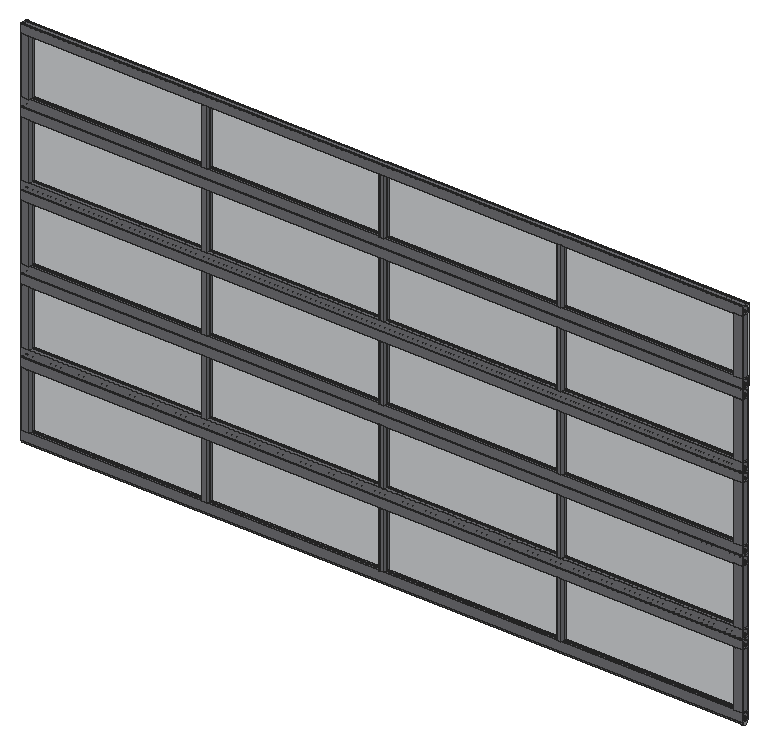
Revit family "GACD 20P GG CRV", category Doors, host Wall, Revit 2024 (continued)
Dimensions and locks
  aligned and locked: Opening 1 sketch curve to plane 4 "Right"
  aligned and locked: Opening 1 sketch curve to level
  aligned and locked: host wall to plane 1
Automatic sketch dimensions
  curve 1 to plane 10 "Garage Right" = 0 mm
  curve 3 to plane 9 "Garage Left" = 0 mm
  host wall to curve 1 = 2200 mm
  host wall to curve 3 = 30 mm
  host wall to curve 1 = 30 mm
  Extrusion 1 sketch curve to plane 10 "Garage Right" = 0 mm  (x3)
  Extrusion 1 sketch curve to plane 9 "Garage Left" = 0 mm  (x3)
  plane 10 "Garage Right" to Extrusion 1 sketch curve = 1.8 mm  (x2)
  Extrusion 1 sketch curve to Extrusion 1 sketch curve = 0 mm  (x5)
  Extrusion 1 sketch curve to Extrusion 1 sketch curve = 1.8 mm  (x44)
  Extrusion 1 sketch curve to Extrusion 1 sketch curve = 2 mm  (x6)
  Extrusion 1 sketch curve to Extrusion 1 sketch curve = 1.6 mm  (x6)
  Extrusion 1 sketch curve to Extrusion 1 sketch curve = 7.147 mm  (x2)
  Extrusion 1 sketch curve to Extrusion 1 sketch curve = 0.953 mm  (x16)
  host wall to Extrusion 1 sketch curve = 6.3 mm  (x4)
  Extrusion 1 sketch curve to Extrusion 1 sketch curve = 3 mm  (x8)
  Extrusion 1 sketch curve to plane 3 "Left" = 12.747 mm  (x2)
  host wall to Extrusion 1 sketch curve = 5.75 mm  (x4)
  Extrusion 1 sketch curve to Extrusion 1 sketch curve = 7.947 mm  (x2)
  Extrusion 1 sketch curve to Extrusion 1 sketch curve = 2.6 mm  (x3)
  Extrusion 1 sketch curve to Extrusion 1 sketch curve = 10.547 mm  (x2)
  host wall to Extrusion 1 sketch curve = 12.5 mm  (x5)
  Extrusion 1 sketch curve to Extrusion 1 sketch curve = 1.205 mm  (x7)
  Extrusion 1 sketch curve to Extrusion 1 sketch curve = 1.293 mm  (x5)
  Extrusion 1 sketch curve to Extrusion 1 sketch curve = 0.241 mm  (x8)
  Extrusion 1 sketch curve to Extrusion 1 sketch curve = 0.402 mm  (x8)
  Extrusion 1 sketch curve to Extrusion 1 sketch curve = 1.066 mm  (x7)
  host wall to Extrusion 1 sketch curve = 4 mm  (x4)
  Extrusion 1 sketch curve to Extrusion 1 sketch curve = 1182.5 mm  (x2)
  host wall to Extrusion 1 sketch curve = 14 mm  (x2)
  Extrusion 1 sketch curve to Extrusion 1 sketch curve = 0.993 mm  (x5)
  host wall to Extrusion 1 sketch curve = 28 mm  (x3)
  host wall to Extrusion 1 sketch curve = 30.75 mm  (x3)
  Extrusion 1 sketch curve to Extrusion 1 sketch curve = 21.2 mm  (x2)
  Extrusion 1 sketch curve to Extrusion 1 sketch curve = 0.8 mm  (x4)
  Extrusion 1 sketch curve to plane 2 "Center (Left/Right)" = 15 mm  (x2)
  Extrusion 1 sketch curve to Extrusion 1 sketch curve = 0.493 mm  (x3)
  plane 2 "Center (Left/Right)" to Extrusion 1 sketch curve = 10.6 mm
  plane 4 "Right" to Extrusion 1 sketch curve = 30 mm  (x2)
  Extrusion 1 sketch curve to Extrusion 1 sketch curve = 0.405 mm
  Extrusion 1 sketch curve to plane 4 "Right" = 12.547 mm  (x2)
  plane 9 "Garage Left" to Extrusion 1 sketch curve = 5.4 mm  (x2)
  plane 9 "Garage Left" to Extrusion 1 sketch curve = 1.8 mm
  Extrusion 1 sketch curve to Extrusion 1 sketch curve = 18.25 mm  (x2)
  Extrusion 1 sketch curve to Extrusion 1 sketch curve = 26.75 mm
  Extrusion 1 sketch curve to Extrusion 1 sketch curve = 20.05 mm
  Extrusion 1 sketch curve to Extrusion 1 sketch curve = 30 mm  (x2)
  Extrusion 1 sketch curve to Extrusion 1 sketch curve = 4 mm  (x4)
  Extrusion 1 sketch curve to Extrusion 1 sketch curve = 13.15 mm  (x2)
  Extrusion 1 sketch curve to Extrusion 1 sketch curve = 2.1 mm  (x4)
  Extrusion 1 sketch curve to Extrusion 1 sketch curve = 0.55 mm  (x5)
  Extrusion 1 sketch curve to Extrusion 1 sketch curve = 13.7 mm  (x3)
  Extrusion 1 sketch curve to Extrusion 1 sketch curve = 0.05 mm  (x3)
  Extrusion 1 sketch curve to Extrusion 1 sketch curve = 1.75 mm  (x6)
  Extrusion 1 sketch curve to Extrusion 1 sketch curve = 2.75 mm  (x5)
  Extrusion 1 sketch curve to Extrusion 1 sketch curve = 9.4 mm  (x2)
  Extrusion 1 sketch curve to Extrusion 1 sketch curve = 10 mm  (x3)
  Extrusion 1 sketch curve to Extrusion 1 sketch curve = 1.5 mm  (x6)
  plane 11 "Garage Top" to Extrusion 2 sketch curve = 0 mm  (x3)
  host wall to Extrusion 2 sketch curve = 4 mm  (x2)
  Extrusion 2 sketch curve to Extrusion 2 sketch curve = 1.75 mm  (x3)
  host wall to Extrusion 2 sketch curve = 5.75 mm  (x2)
  Extrusion 2 sketch curve to Extrusion 2 sketch curve = 0 mm  (x7)
  Extrusion 2 sketch curve to Extrusion 2 sketch curve = 0.05 mm  (x2)
  Extrusion 2 sketch curve to Extrusion 2 sketch curve = 0.55 mm  (x10)
  Extrusion 2 sketch curve to Extrusion 2 sketch curve = 2.1 mm  (x4)
  Extrusion 2 sketch curve to Extrusion 2 sketch curve = 4.95 mm  (x2)
  plane 11 "Garage Top" to Extrusion 2 sketch curve = 1.8 mm  (x2)
  Extrusion 2 sketch curve to Extrusion 2 sketch curve = 4 mm  (x4)
  Extrusion 2 sketch curve to Extrusion 2 sketch curve = 1.8 mm  (x17)
  Extrusion 2 sketch curve to Extrusion 2 sketch curve = 2 mm  (x9)
  Extrusion 2 sketch curve to Extrusion 2 sketch curve = 1.5 mm  (x2)
  Extrusion 2 sketch curve to Extrusion 2 sketch curve = 14 mm  (x2)
  Extrusion 2 sketch curve to Extrusion 2 sketch curve = 2.75 mm  (x2)
  Extrusion 2 sketch curve to Extrusion 2 sketch curve = 20.6 mm  (x2)
  Extrusion 2 sketch curve to Extrusion 2 sketch curve = 1.6 mm  (x6)
  plane 11 "Garage Top" to Extrusion 2 sketch curve = 13.5 mm
  plane 5 to Extrusion 2 sketch curve = 6.7 mm
  Extrusion 2 sketch curve to Extrusion 2 sketch curve = 13.15 mm  (x2)
  plane 11 "Garage Top" to Extrusion 2 sketch curve = 12.547 mm
  plane 11 "Garage Top" to Extrusion 2 sketch curve = 17.453 mm
  Extrusion 2 sketch curve to Extrusion 2 sketch curve = 7.147 mm  (x3)
  Extrusion 2 sketch curve to Extrusion 2 sketch curve = 0.953 mm  (x15)
  Extrusion 2 sketch curve to Extrusion 2 sketch curve = 3 mm  (x6)
  plane 5 to Extrusion 2 sketch curve = 2.747 mm  (x2)
  Extrusion 2 sketch curve to Extrusion 2 sketch curve = 7.947 mm  (x2)
  Extrusion 2 sketch curve to Extrusion 2 sketch curve = 0.8 mm
  Extrusion 2 sketch curve to Extrusion 2 sketch curve = 2.6 mm
  Extrusion 2 sketch curve to Extrusion 2 sketch curve = 1.205 mm
  Extrusion 2 sketch curve to Extrusion 2 sketch curve = 1.293 mm  (x2)
  Extrusion 2 sketch curve to Extrusion 2 sketch curve = 0.241 mm  (x2)
  Extrusion 2 sketch curve to Extrusion 2 sketch curve = 0.402 mm  (x2)
  Extrusion 2 sketch curve to Extrusion 2 sketch curve = 0.993 mm  (x2)
  level to Extrusion 2 sketch curve = 79.909 mm
  Extrusion 2 sketch curve to Extrusion 2 sketch curve = 1.066 mm
  Extrusion 2 sketch curve to Extrusion 2 sketch curve = 0.405 mm
  Extrusion 2 sketch curve to Extrusion 2 sketch curve = 10.547 mm
  Extrusion 2 sketch curve to Extrusion 2 sketch curve = 25.295 mm  (x2)
  host wall to Extrusion 3 sketch curve = 4 mm  (x8)
  host wall to Extrusion 3 sketch curve = 5.75 mm  (x5)
  Extrusion 3 sketch curve to Extrusion 3 sketch curve = 1.75 mm  (x11)
  Extrusion 3 sketch curve to Extrusion 3 sketch curve = 0 mm  (x35)
  Extrusion 3 sketch curve to Extrusion 3 sketch curve = 0.05 mm  (x10)
  Extrusion 3 sketch curve to Extrusion 3 sketch curve = 1.8 mm  (x85)
  Extrusion 3 sketch curve to Extrusion 3 sketch curve = 0.55 mm  (x35)
  Extrusion 3 sketch curve to Extrusion 3 sketch curve = 2.1 mm  (x16)
  Extrusion 3 sketch curve to Extrusion 3 sketch curve = 4.95 mm  (x8)
  Extrusion 3 sketch curve to Extrusion 3 sketch curve = 4 mm  (x16)
  Extrusion 3 sketch curve to Extrusion 3 sketch curve = 2 mm  (x37)
  Extrusion 3 sketch curve to Extrusion 3 sketch curve = 1.5 mm  (x8)
  Extrusion 3 sketch curve to Extrusion 3 sketch curve = 14 mm  (x8)
  Extrusion 3 sketch curve to Extrusion 3 sketch curve = 2.75 mm  (x8)
  Extrusion 3 sketch curve to Extrusion 3 sketch curve = 20.6 mm  (x4)
  Extrusion 3 sketch curve to Extrusion 3 sketch curve = 13.15 mm  (x8)
  Extrusion 3 sketch curve to Extrusion 3 sketch curve = 9.4 mm  (x5)
  Extrusion 3 sketch curve to Extrusion 3 sketch curve = 1.6 mm  (x19)
  plane 5 to Extrusion 3 sketch curve = 405.2 mm
  Extrusion 3 sketch curve to Extrusion 3 sketch curve = 0.993 mm  (x7)
  Extrusion 3 sketch curve to Extrusion 3 sketch curve = 1.066 mm  (x5)
  Extrusion 3 sketch curve to Extrusion 3 sketch curve = 0.241 mm  (x8)
  Extrusion 3 sketch curve to Extrusion 3 sketch curve = 0.402 mm  (x8)
  Extrusion 3 sketch curve to Extrusion 3 sketch curve = 0.493 mm  (x2)
  Extrusion 3 sketch curve to Extrusion 3 sketch curve = 1.205 mm  (x7)
  Extrusion 3 sketch curve to Extrusion 3 sketch curve = 7.947 mm  (x8)
  Extrusion 3 sketch curve to Extrusion 3 sketch curve = 10.547 mm  (x7)
  Extrusion 3 sketch curve to Extrusion 3 sketch curve = 0.953 mm  (x64)
  Extrusion 3 sketch curve to Extrusion 3 sketch curve = 3 mm  (x32)
  Extrusion 3 sketch curve to Extrusion 3 sketch curve = 25.295 mm  (x16)
  Extrusion 3 sketch curve to Extrusion 3 sketch curve = 7.147 mm  (x16)
  Extrusion 3 sketch curve to Extrusion 3 sketch curve = 6 mm  (x7)
  Extrusion 3 sketch curve to Extrusion 3 sketch curve = 0.8 mm  (x5)
  Extrusion 3 sketch curve to Extrusion 3 sketch curve = 1.293 mm  (x5)
  Extrusion 3 sketch curve to Extrusion 3 sketch curve = 385.2 mm  (x3)
  Extrusion 3 sketch curve to Extrusion 3 sketch curve = 0.405 mm
  Extrusion 4 sketch curve to level = 0 mm
  host wall to Extrusion 4 sketch curve = 36 mm
  Extrusion 4 sketch curve to Extrusion 4 sketch curve = 5 mm  (x2)
  Extrusion 4 sketch curve to Extrusion 4 sketch curve = 2 mm  (x2)
  level to Extrusion 4 sketch curve = 2.881 mm
  Extrusion 4 sketch curve to Extrusion 4 sketch curve = 3 mm  (x2)
  Extrusion 4 sketch curve to Extrusion 4 sketch curve = 6 mm
  Extrusion 4 sketch curve to Extrusion 4 sketch curve = 11.123 mm
  Extrusion 4 sketch curve to Extrusion 4 sketch curve = 0 mm  (x4)
  Extrusion 4 sketch curve to Extrusion 4 sketch curve = 0.629 mm
  Extrusion 4 sketch curve to Extrusion 4 sketch curve = 2.276 mm
  Extrusion 4 sketch curve to Extrusion 4 sketch curve = 2.905 mm
  Extrusion 4 sketch curve to Extrusion 4 sketch curve = 1.368 mm
  Extrusion 4 sketch curve to Extrusion 4 sketch curve = 4.624 mm
  host wall to Extrusion 5 sketch curve = 45.15 mm  (x4)
  Extrusion 5 sketch curve to Extrusion 5 sketch curve = 0 mm  (x40)
  Extrusion 5 sketch curve to Extrusion 5 sketch curve = 2.5 mm  (x32)
  Extrusion 5 sketch curve to Extrusion 5 sketch curve = 1 mm  (x32)
  host wall to Extrusion 5 sketch curve = 12.85 mm  (x4)
  level to Extrusion 5 sketch curve = 522.046 mm
  Extrusion 5 sketch curve to Extrusion 5 sketch curve = 2.027 mm  (x20)
  Extrusion 5 sketch curve to Extrusion 5 sketch curve = 6.253 mm  (x8)
  Extrusion 5 sketch curve to Extrusion 5 sketch curve = 498.893 mm  (x2)
  plane 5 to Extrusion 5 sketch curve = 474.354 mm
  Extrusion 5 sketch curve to Extrusion 5 sketch curve = 2.489 mm  (x16)
  Extrusion 5 sketch curve to Extrusion 5 sketch curve = 1.503 mm  (x16)
  Extrusion 6 sketch curve to plane 10 "Garage Right" = 0 mm  (x3)
  Extrusion 6 sketch curve to plane 9 "Garage Left" = 0 mm  (x3)
  plane 10 "Garage Right" to Extrusion 6 sketch curve = 1.8 mm  (x2)
  Extrusion 6 sketch curve to Extrusion 6 sketch curve = 0 mm  (x5)
  Extrusion 6 sketch curve to Extrusion 6 sketch curve = 1.8 mm  (x44)
  Extrusion 6 sketch curve to Extrusion 6 sketch curve = 2 mm  (x6)
  Extrusion 6 sketch curve to Extrusion 6 sketch curve = 1.6 mm  (x6)
  Extrusion 6 sketch curve to Extrusion 6 sketch curve = 7.147 mm  (x2)
  Extrusion 6 sketch curve to Extrusion 6 sketch curve = 0.953 mm  (x16)
  host wall to Extrusion 6 sketch curve = 6.3 mm  (x4)
  Extrusion 6 sketch curve to Extrusion 6 sketch curve = 3 mm  (x8)
  Extrusion 6 sketch curve to plane 3 "Left" = 12.747 mm  (x2)
  host wall to Extrusion 6 sketch curve = 5.75 mm  (x4)
  Extrusion 6 sketch curve to Extrusion 6 sketch curve = 7.947 mm  (x2)
  Extrusion 6 sketch curve to Extrusion 6 sketch curve = 2.6 mm  (x3)
  Extrusion 6 sketch curve to Extrusion 6 sketch curve = 10.547 mm  (x2)
  host wall to Extrusion 6 sketch curve = 12.5 mm  (x5)
  Extrusion 6 sketch curve to Extrusion 6 sketch curve = 1.205 mm  (x7)
  Extrusion 6 sketch curve to Extrusion 6 sketch curve = 1.293 mm  (x5)
  Extrusion 6 sketch curve to Extrusion 6 sketch curve = 0.241 mm  (x8)
  Extrusion 6 sketch curve to Extrusion 6 sketch curve = 0.402 mm  (x8)
  Extrusion 6 sketch curve to Extrusion 6 sketch curve = 1.066 mm  (x7)
  host wall to Extrusion 6 sketch curve = 4 mm  (x4)
  Extrusion 6 sketch curve to Extrusion 6 sketch curve = 1182.5 mm  (x2)
  host wall to Extrusion 6 sketch curve = 14 mm  (x2)
  Extrusion 6 sketch curve to Extrusion 6 sketch curve = 0.993 mm  (x5)
  host wall to Extrusion 6 sketch curve = 28 mm  (x3)
  host wall to Extrusion 6 sketch curve = 30.75 mm  (x3)
  Extrusion 6 sketch curve to Extrusion 6 sketch curve = 21.2 mm  (x2)
  Extrusion 6 sketch curve to Extrusion 6 sketch curve = 0.8 mm  (x4)
  Extrusion 6 sketch curve to plane 2 "Center (Left/Right)" = 15 mm  (x2)
  Extrusion 6 sketch curve to Extrusion 6 sketch curve = 0.493 mm  (x3)
  plane 2 "Center (Left/Right)" to Extrusion 6 sketch curve = 10.6 mm
  plane 4 "Right" to Extrusion 6 sketch curve = 30 mm  (x2)
  Extrusion 6 sketch curve to Extrusion 6 sketch curve = 0.405 mm
  Extrusion 6 sketch curve to plane 4 "Right" = 12.547 mm  (x2)
  plane 9 "Garage Left" to Extrusion 6 sketch curve = 5.4 mm  (x2)
  plane 9 "Garage Left" to Extrusion 6 sketch curve = 1.8 mm
  Extrusion 6 sketch curve to Extrusion 6 sketch curve = 18.25 mm  (x2)
  Extrusion 6 sketch curve to Extrusion 6 sketch curve = 26.75 mm
  Extrusion 6 sketch curve to Extrusion 6 sketch curve = 20.05 mm
  Extrusion 6 sketch curve to Extrusion 6 sketch curve = 30 mm  (x2)
  Extrusion 6 sketch curve to Extrusion 6 sketch curve = 4 mm  (x4)
  Extrusion 6 sketch curve to Extrusion 6 sketch curve = 13.15 mm  (x2)
  Extrusion 6 sketch curve to Extrusion 6 sketch curve = 2.1 mm  (x4)
  Extrusion 6 sketch curve to Extrusion 6 sketch curve = 0.55 mm  (x5)
  Extrusion 6 sketch curve to Extrusion 6 sketch curve = 13.7 mm  (x3)
  Extrusion 6 sketch curve to Extrusion 6 sketch curve = 0.05 mm  (x3)
  Extrusion 6 sketch curve to Extrusion 6 sketch curve = 1.75 mm  (x6)
  Extrusion 6 sketch curve to Extrusion 6 sketch curve = 2.75 mm  (x5)
  Extrusion 6 sketch curve to Extrusion 6 sketch curve = 9.4 mm  (x2)
  Extrusion 6 sketch curve to Extrusion 6 sketch curve = 10 mm  (x3)
  Extrusion 6 sketch curve to Extrusion 6 sketch curve = 1.5 mm  (x6)
  Extrusion 7 sketch curve to plane 10 "Garage Right" = 0 mm  (x3)
  Extrusion 7 sketch curve to plane 9 "Garage Left" = 0 mm  (x3)
  plane 10 "Garage Right" to Extrusion 7 sketch curve = 1.8 mm  (x2)
  Extrusion 7 sketch curve to Extrusion 7 sketch curve = 0 mm  (x5)
  Extrusion 7 sketch curve to Extrusion 7 sketch curve = 1.8 mm  (x44)
  Extrusion 7 sketch curve to Extrusion 7 sketch curve = 2 mm  (x6)
  Extrusion 7 sketch curve to Extrusion 7 sketch curve = 1.6 mm  (x6)
  Extrusion 7 sketch curve to Extrusion 7 sketch curve = 7.147 mm  (x2)
  Extrusion 7 sketch curve to Extrusion 7 sketch curve = 0.953 mm  (x16)
  host wall to Extrusion 7 sketch curve = 6.3 mm  (x4)
  Extrusion 7 sketch curve to Extrusion 7 sketch curve = 3 mm  (x8)
  Extrusion 7 sketch curve to plane 3 "Left" = 12.747 mm  (x2)
  host wall to Extrusion 7 sketch curve = 5.75 mm  (x4)
  Extrusion 7 sketch curve to Extrusion 7 sketch curve = 7.947 mm  (x2)
  Extrusion 7 sketch curve to Extrusion 7 sketch curve = 2.6 mm  (x3)
  Extrusion 7 sketch curve to Extrusion 7 sketch curve = 10.547 mm  (x2)
  host wall to Extrusion 7 sketch curve = 12.5 mm  (x5)
  Extrusion 7 sketch curve to Extrusion 7 sketch curve = 1.205 mm  (x7)
  Extrusion 7 sketch curve to Extrusion 7 sketch curve = 1.293 mm  (x5)
  Extrusion 7 sketch curve to Extrusion 7 sketch curve = 0.241 mm  (x8)
  Extrusion 7 sketch curve to Extrusion 7 sketch curve = 0.402 mm  (x8)
  Extrusion 7 sketch curve to Extrusion 7 sketch curve = 1.066 mm  (x7)
  host wall to Extrusion 7 sketch curve = 4 mm  (x4)
  Extrusion 7 sketch curve to Extrusion 7 sketch curve = 1182.5 mm  (x2)
  host wall to Extrusion 7 sketch curve = 14 mm  (x2)
  Extrusion 7 sketch curve to Extrusion 7 sketch curve = 0.993 mm  (x5)
  host wall to Extrusion 7 sketch curve = 28 mm  (x3)
  host wall to Extrusion 7 sketch curve = 30.75 mm  (x3)
  Extrusion 7 sketch curve to Extrusion 7 sketch curve = 21.2 mm  (x2)
  Extrusion 7 sketch curve to Extrusion 7 sketch curve = 0.8 mm  (x4)
  Extrusion 7 sketch curve to plane 2 "Center (Left/Right)" = 15 mm  (x2)
  Extrusion 7 sketch curve to Extrusion 7 sketch curve = 0.493 mm  (x3)
  plane 2 "Center (Left/Right)" to Extrusion 7 sketch curve = 10.6 mm
  plane 4 "Right" to Extrusion 7 sketch curve = 30 mm  (x2)
  Extrusion 7 sketch curve to Extrusion 7 sketch curve = 0.405 mm
  Extrusion 7 sketch curve to plane 4 "Right" = 12.547 mm  (x2)
  plane 9 "Garage Left" to Extrusion 7 sketch curve = 5.4 mm  (x2)
  plane 9 "Garage Left" to Extrusion 7 sketch curve = 1.8 mm
  Extrusion 7 sketch curve to Extrusion 7 sketch curve = 18.25 mm  (x2)
  Extrusion 7 sketch curve to Extrusion 7 sketch curve = 26.75 mm
  Extrusion 7 sketch curve to Extrusion 7 sketch curve = 20.05 mm
  Extrusion 7 sketch curve to Extrusion 7 sketch curve = 30 mm  (x2)
  Extrusion 7 sketch curve to Extrusion 7 sketch curve = 4 mm  (x4)
  Extrusion 7 sketch curve to Extrusion 7 sketch curve = 13.15 mm  (x2)
  Extrusion 7 sketch curve to Extrusion 7 sketch curve = 2.1 mm  (x4)
  Extrusion 7 sketch curve to Extrusion 7 sketch curve = 0.55 mm  (x5)
  Extrusion 7 sketch curve to Extrusion 7 sketch curve = 13.7 mm  (x3)
  Extrusion 7 sketch curve to Extrusion 7 sketch curve = 0.05 mm  (x3)
  Extrusion 7 sketch curve to Extrusion 7 sketch curve = 1.75 mm  (x6)
  Extrusion 7 sketch curve to Extrusion 7 sketch curve = 2.75 mm  (x5)
  Extrusion 7 sketch curve to Extrusion 7 sketch curve = 9.4 mm  (x2)
  Extrusion 7 sketch curve to Extrusion 7 sketch curve = 10 mm  (x3)
  Extrusion 7 sketch curve to Extrusion 7 sketch curve = 1.5 mm  (x6)
  Extrusion 8 sketch curve to plane 10 "Garage Right" = 0 mm  (x3)
  Extrusion 8 sketch curve to plane 9 "Garage Left" = 0 mm  (x3)
  plane 10 "Garage Right" to Extrusion 8 sketch curve = 1.8 mm  (x2)
  Extrusion 8 sketch curve to Extrusion 8 sketch curve = 0 mm  (x5)
  Extrusion 8 sketch curve to Extrusion 8 sketch curve = 1.8 mm  (x44)
  Extrusion 8 sketch curve to Extrusion 8 sketch curve = 2 mm  (x6)
  Extrusion 8 sketch curve to Extrusion 8 sketch curve = 1.6 mm  (x6)
  Extrusion 8 sketch curve to Extrusion 8 sketch curve = 7.147 mm  (x2)
  Extrusion 8 sketch curve to Extrusion 8 sketch curve = 0.953 mm  (x16)
  host wall to Extrusion 8 sketch curve = 6.3 mm  (x4)
  Extrusion 8 sketch curve to Extrusion 8 sketch curve = 3 mm  (x8)
  Extrusion 8 sketch curve to plane 3 "Left" = 12.747 mm  (x2)
  host wall to Extrusion 8 sketch curve = 5.75 mm  (x4)
  Extrusion 8 sketch curve to Extrusion 8 sketch curve = 7.947 mm  (x2)
  Extrusion 8 sketch curve to Extrusion 8 sketch curve = 2.6 mm  (x3)
  Extrusion 8 sketch curve to Extrusion 8 sketch curve = 10.547 mm  (x2)
  host wall to Extrusion 8 sketch curve = 12.5 mm  (x5)
  Extrusion 8 sketch curve to Extrusion 8 sketch curve = 1.205 mm  (x7)
  Extrusion 8 sketch curve to Extrusion 8 sketch curve = 1.293 mm  (x5)
  Extrusion 8 sketch curve to Extrusion 8 sketch curve = 0.241 mm  (x8)
  Extrusion 8 sketch curve to Extrusion 8 sketch curve = 0.402 mm  (x8)
  Extrusion 8 sketch curve to Extrusion 8 sketch curve = 1.066 mm  (x7)
  host wall to Extrusion 8 sketch curve = 4 mm  (x4)
  Extrusion 8 sketch curve to Extrusion 8 sketch curve = 1182.5 mm  (x2)
  host wall to Extrusion 8 sketch curve = 14 mm  (x2)
  Extrusion 8 sketch curve to Extrusion 8 sketch curve = 0.993 mm  (x5)
  host wall to Extrusion 8 sketch curve = 28 mm  (x3)
  host wall to Extrusion 8 sketch curve = 30.75 mm  (x3)
  Extrusion 8 sketch curve to Extrusion 8 sketch curve = 21.2 mm  (x2)
  Extrusion 8 sketch curve to Extrusion 8 sketch curve = 0.8 mm  (x4)
  Extrusion 8 sketch curve to plane 2 "Center (Left/Right)" = 15 mm  (x2)
  Extrusion 8 sketch curve to Extrusion 8 sketch curve = 0.493 mm  (x3)
  plane 2 "Center (Left/Right)" to Extrusion 8 sketch curve = 10.6 mm
  plane 4 "Right" to Extrusion 8 sketch curve = 30 mm  (x2)
  Extrusion 8 sketch curve to Extrusion 8 sketch curve = 0.405 mm
  Extrusion 8 sketch curve to plane 4 "Right" = 12.547 mm  (x2)
  plane 9 "Garage Left" to Extrusion 8 sketch curve = 5.4 mm  (x2)
  plane 9 "Garage Left" to Extrusion 8 sketch curve = 1.8 mm
  Extrusion 8 sketch curve to Extrusion 8 sketch curve = 18.25 mm  (x2)
  Extrusion 8 sketch curve to Extrusion 8 sketch curve = 26.75 mm
  Extrusion 8 sketch curve to Extrusion 8 sketch curve = 20.05 mm
  Extrusion 8 sketch curve to Extrusion 8 sketch curve = 30 mm  (x2)
  Extrusion 8 sketch curve to Extrusion 8 sketch curve = 4 mm  (x4)
  Extrusion 8 sketch curve to Extrusion 8 sketch curve = 13.15 mm  (x2)
  Extrusion 8 sketch curve to Extrusion 8 sketch curve = 2.1 mm  (x4)
  Extrusion 8 sketch curve to Extrusion 8 sketch curve = 0.55 mm  (x5)
  Extrusion 8 sketch curve to Extrusion 8 sketch curve = 13.7 mm  (x3)
  Extrusion 8 sketch curve to Extrusion 8 sketch curve = 0.05 mm  (x3)
  Extrusion 8 sketch curve to Extrusion 8 sketch curve = 1.75 mm  (x6)
  Extrusion 8 sketch curve to Extrusion 8 sketch curve = 2.75 mm  (x5)
  Extrusion 8 sketch curve to Extrusion 8 sketch curve = 9.4 mm  (x2)
  Extrusion 8 sketch curve to Extrusion 8 sketch curve = 10 mm  (x3)
  Extrusion 8 sketch curve to Extrusion 8 sketch curve = 1.5 mm  (x6)
  Extrusion 9 sketch curve to plane 10 "Garage Right" = 0 mm  (x3)
  Extrusion 9 sketch curve to plane 9 "Garage Left" = 0 mm  (x3)
  plane 10 "Garage Right" to Extrusion 9 sketch curve = 1.8 mm  (x2)
  Extrusion 9 sketch curve to Extrusion 9 sketch curve = 0 mm  (x5)
  Extrusion 9 sketch curve to Extrusion 9 sketch curve = 1.8 mm  (x44)
  Extrusion 9 sketch curve to Extrusion 9 sketch curve = 2 mm  (x6)
  Extrusion 9 sketch curve to Extrusion 9 sketch curve = 1.6 mm  (x6)
  Extrusion 9 sketch curve to Extrusion 9 sketch curve = 7.147 mm  (x2)
  Extrusion 9 sketch curve to Extrusion 9 sketch curve = 0.953 mm  (x16)
  host wall to Extrusion 9 sketch curve = 6.3 mm  (x4)
  Extrusion 9 sketch curve to Extrusion 9 sketch curve = 3 mm  (x8)
  Extrusion 9 sketch curve to plane 3 "Left" = 12.747 mm  (x2)
  host wall to Extrusion 9 sketch curve = 5.75 mm  (x4)
  Extrusion 9 sketch curve to Extrusion 9 sketch curve = 7.947 mm  (x2)
  Extrusion 9 sketch curve to Extrusion 9 sketch curve = 2.6 mm  (x3)
  Extrusion 9 sketch curve to Extrusion 9 sketch curve = 10.547 mm  (x2)
  host wall to Extrusion 9 sketch curve = 12.5 mm  (x5)
  Extrusion 9 sketch curve to Extrusion 9 sketch curve = 1.205 mm  (x7)
  Extrusion 9 sketch curve to Extrusion 9 sketch curve = 1.293 mm  (x5)
  Extrusion 9 sketch curve to Extrusion 9 sketch curve = 0.241 mm  (x8)
  Extrusion 9 sketch curve to Extrusion 9 sketch curve = 0.402 mm  (x8)
  Extrusion 9 sketch curve to Extrusion 9 sketch curve = 1.066 mm  (x7)
  host wall to Extrusion 9 sketch curve = 4 mm  (x4)
  Extrusion 9 sketch curve to Extrusion 9 sketch curve = 1182.5 mm  (x2)
  host wall to Extrusion 9 sketch curve = 14 mm  (x2)
  Extrusion 9 sketch curve to Extrusion 9 sketch curve = 0.993 mm  (x5)
  host wall to Extrusion 9 sketch curve = 28 mm  (x3)
  host wall to Extrusion 9 sketch curve = 30.75 mm  (x3)
  Extrusion 9 sketch curve to Extrusion 9 sketch curve = 21.2 mm  (x2)
  Extrusion 9 sketch curve to Extrusion 9 sketch curve = 0.8 mm  (x4)
  Extrusion 9 sketch curve to plane 2 "Center (Left/Right)" = 15 mm  (x2)
  Extrusion 9 sketch curve to Extrusion 9 sketch curve = 0.493 mm  (x3)
  plane 2 "Center (Left/Right)" to Extrusion 9 sketch curve = 10.6 mm
  plane 4 "Right" to Extrusion 9 sketch curve = 30 mm  (x2)
  Extrusion 9 sketch curve to Extrusion 9 sketch curve = 0.405 mm
  Extrusion 9 sketch curve to plane 4 "Right" = 12.547 mm  (x2)
  plane 9 "Garage Left" to Extrusion 9 sketch curve = 5.4 mm  (x2)
  plane 9 "Garage Left" to Extrusion 9 sketch curve = 1.8 mm
  Extrusion 9 sketch curve to Extrusion 9 sketch curve = 18.25 mm  (x2)
  Extrusion 9 sketch curve to Extrusion 9 sketch curve = 26.75 mm
  Extrusion 9 sketch curve to Extrusion 9 sketch curve = 20.05 mm
  Extrusion 9 sketch curve to Extrusion 9 sketch curve = 30 mm  (x2)
  Extrusion 9 sketch curve to Extrusion 9 sketch curve = 4 mm  (x4)
  Extrusion 9 sketch curve to Extrusion 9 sketch curve = 13.15 mm  (x2)
  Extrusion 9 sketch curve to Extrusion 9 sketch curve = 2.1 mm  (x4)
  Extrusion 9 sketch curve to Extrusion 9 sketch curve = 0.55 mm  (x5)
  Extrusion 9 sketch curve to Extrusion 9 sketch curve = 13.7 mm  (x3)
  Extrusion 9 sketch curve to Extrusion 9 sketch curve = 0.05 mm  (x3)
  Extrusion 9 sketch curve to Extrusion 9 sketch curve = 1.75 mm  (x6)
  Extrusion 9 sketch curve to Extrusion 9 sketch curve = 2.75 mm  (x5)
  Extrusion 9 sketch curve to Extrusion 9 sketch curve = 9.4 mm  (x2)
  Extrusion 9 sketch curve to Extrusion 9 sketch curve = 10 mm  (x3)
  Extrusion 9 sketch curve to Extrusion 9 sketch curve = 1.5 mm  (x6)
  plane 11 "Garage Top" to Extrusion 11 sketch curve = 0 mm
  Extrusion 11 sketch curve to host wall = 0 mm  (x5)
  host wall to Extrusion 11 sketch curve = 4 mm  (x4)
  Extrusion 11 sketch curve to Extrusion 11 sketch curve = 4 mm
  plane 5 to Extrusion 11 sketch curve = 465.2 mm
  Extrusion 11 sketch curve to Extrusion 11 sketch curve = 6 mm  (x4)
  Extrusion 11 sketch curve to Extrusion 11 sketch curve = 505.2 mm  (x2)
  Extrusion 11 sketch curve to Extrusion 11 sketch curve = 511.2 mm
  level to Extrusion 11 sketch curve = 19.909 mm
  plane 11 "Garage Top" to Extrusion 10 sketch curve = 0 mm
  Extrusion 10 sketch curve to host wall = 0 mm  (x5)
  host wall to Extrusion 10 sketch curve = 4 mm  (x5)
  plane 5 to Extrusion 10 sketch curve = 465.2 mm
  Extrusion 10 sketch curve to Extrusion 10 sketch curve = 6 mm  (x4)
  Extrusion 10 sketch curve to Extrusion 10 sketch curve = 505.2 mm  (x3)
  level to Extrusion 10 sketch curve = 19.909 mm
  plane 11 "Garage Top" to Extrusion 12 sketch curve = 0 mm
  Extrusion 12 sketch curve to host wall = 0 mm  (x5)
  host wall to Extrusion 12 sketch curve = 4 mm  (x4)
  Extrusion 12 sketch curve to Extrusion 12 sketch curve = 4 mm
  plane 5 to Extrusion 12 sketch curve = 465.2 mm
  Extrusion 12 sketch curve to Extrusion 12 sketch curve = 6 mm  (x4)
  Extrusion 12 sketch curve to Extrusion 12 sketch curve = 505.2 mm  (x3)
  level to Extrusion 12 sketch curve = 19.909 mm
  plane 11 "Garage Top" to Extrusion 13 sketch curve = 0 mm
  Extrusion 13 sketch curve to host wall = 0 mm  (x5)
  host wall to Extrusion 13 sketch curve = 4 mm  (x4)
  Extrusion 13 sketch curve to Extrusion 13 sketch curve = 4 mm
  plane 5 to Extrusion 13 sketch curve = 465.2 mm
  Extrusion 13 sketch curve to Extrusion 13 sketch curve = 6 mm  (x4)
  Extrusion 13 sketch curve to Extrusion 13 sketch curve = 505.2 mm  (x3)
  level to Extrusion 13 sketch curve = 19.909 mm
